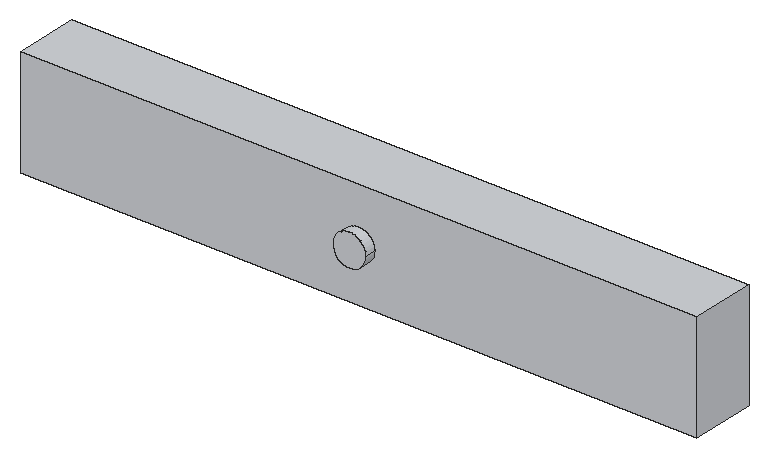
Revit family "LE_W_Spiegelleuchte_V1700", category Leuchten, Revit 2017
Family settings
  Bemaßung runder Anschluss = Durchmesser verwenden
  Teiletyp = Normal
  OmniClass-Nummer = 23.80.70.00
  OmniClass-Titel = Lighting
  Arbeitsebenenbasiert = Ja
  Immer vertikal = Ja
  Beim Laden mit Abzugskörper schneiden = Nein
  Lichtquelle = Ja
  Gemeinsam genutzt = Nein
  Raumberechnungspunkt = Nein
Parameters (values of type "Wandleuchte_rechteckig")
  pbr_Material_KZ = ""
  pbr_Material = none
  pbr_E_Typ = ""
  pbr_E_KZ = ""
  pbr_DINBild = 0
  pbr_Bild = 0
  cpiFitMatchKey [instance] = "E-WLR-18-15"
  Zentrale [instance] = ""
  built-in parameter 1150104 = 13.8 (stored number, unit not read)
  Wirkleistung [instance] = 0 W
  Wattage = 9.2903 W
  Default Elevation = 1219.2 mm
  Emit from Line Length = 609.6 mm
  built-in parameter 1150113 = 1 (stored number, unit not read)
  built-in parameter 1114218 = 1 (stored number, unit not read)
  Typ = ""
  Tiefe = 120 mm
  Text3 = ""
  Text2 = ""
  Text1 = ""
  built-in parameter 1150134 = 3
  built-in parameter 1150109 = 1 (stored number, unit not read)
  Symboltiefe = 200 mm
  Symbolbreite = 300 mm
  built-in parameter 1010506 = 0.5236 (stored number, unit not read)
  built-in parameter 1150110 = 1 (stored number, unit not read)
  Spannung = 230 V  # constant formula
  Scheinleistung [instance] = 0 VA
  Scheinlast = 0 VA
  Schaltgruppe2 [instance] = 0
  Schaltgruppe1 [instance] = 0
  Radius_Leerrohr = 50 mm
  Poligkeit = 1
  Planungsbüro Rohling = "www.pbr.de"
  Neigungswinkel = 60.00°
  Menge(Dosenzahl) = 1
  Light Source Symbol Length = 3048 mm
  Linie/Anschluss [instance] = ""
  built-in parameter 1114217 = 1 (stored number, unit not read)
  built-in parameter 1150139 = (empty or 0)
  built-in parameter 1150105 = 4614.1 (stored number, unit not read)
  built-in parameter 1150114 = 1 (stored number, unit not read)
  Lumens = 1380 lm
  built-in parameter 1150115 = 1 (stored number, unit not read)
  Lastklassifizierung = Beleuchtung
  Lampentyp [instance] = ""
  built-in parameter 1150112 = 1 (stored number, unit not read)
  Lampe = "Wandleuchte rechteck"
  Kommentar zur Wattzahl [instance] = ""
  Installationsart [instance] = ""
  Info = ""
  IFC = ""
  Höhe = 200 mm
  Halbhöhe [instance] = Höhe / 2  # 100 mm
  Halbbreite [instance] = Breite / 2  # 625 mm
  Gewerk [instance] = "BEL"
  Feldwinkel des Spotlichts = 90.00°
  Dimming Lamp Color Temperature Shift = (empty or 0)
  Color Filter = 16777215
  Länge des Lichtquellensymbols = 3048 mm
  built-in parameter 1150137 = (empty or 0)
  built-in parameter 1150132 = (empty or 0)
  Breite = 1250 mm
  built-in parameter 1150106 = 46.141 (stored number, unit not read)
  Anschlussdosentiefe = 20 mm
  Anschlussbuchsenradius = 30 mm
  built-in parameter 1150107 = 3200 (stored number, unit not read)
  built-in parameter 1150102 = (empty or 0)
  built-in parameter 1150138 = (empty or 0)
Reference planes
  plane 1 "Mitte (Vorne/Hinten)": y = 0
  plane 2: z = 0
  plane 3 "Mitte (Links/Rechts)": x = 0
  plane 4 "Lampe unten": z = -100
  plane 5: y = 140
  plane 6: y = 20
  plane 7: x = -625
  plane 8: x = 625
  plane 9: z = 100
  plane 10 "Symbollinks": x = -300
  plane 11: x = 300
Forms (mm)
  Sweep 1, solid, detail levels medium+fine
    path origin (0, 0, 0) x (1, 0, 0) y (0, 1, 0)
      loop
        line (0, 0) -> (0, 20)
    profile origin (0, 10, 0) x (-1, 0, 0) y (0, 0, 1)
      loop
        circle (0, 0) r 30
  Sweep 2, solid
    path origin (0, 0, 0) x (1, 0, 0) y (0, 1, 0)
      loop
        line (0, 20) -> (0, 140)
    profile origin (0, 80, 0) x (-1, 0, 0) y (0, 0, 1)
      loop
        line (625, 100) -> (-625, 100) -> (-625, -100) -> (625, -100) -> (625, 100)
Lines and regions (mm)
  reference lines
    curve 1: line (0, 0, 1407.319) -> (0, 0, 1447.319)
Dimensions and locks
  "Halbhöhe": level to plane 4 "Lampe unten"
  "Anschlussdosentiefe": plane 6 to plane 1 "Mitte (Vorne/Hinten)"
  "Tiefe": plane 5 to plane 6
  equal spacing: plane 7, plane 3 "Mitte (Links/Rechts)", plane 8
  "Halbbreite": plane 7 to plane 3 "Mitte (Links/Rechts)"
  equal spacing: plane 9, level, plane 4 "Lampe unten"
  "Symbolbreite": plane 10 "Symbollinks" to plane 3 "Mitte (Links/Rechts)"
  equal spacing: plane 10 "Symbollinks", plane 3 "Mitte (Links/Rechts)", plane 11
  "Anschlussbuchsenradius": radius of Sweep 1 sketch curve
  aligned and locked: level to plane 2
  aligned and locked: Sweep 2 sketch curve to plane 9
  aligned and locked: Sweep 2 sketch curve to plane 8
  aligned and locked: plane 4 "Lampe unten" to Sweep 2 sketch curve
  aligned and locked: plane 7 to Sweep 2 sketch curve
  aligned and locked: imposter light to plane 3 "Mitte (Links/Rechts)"
  aligned and locked: plane 3 "Mitte (Links/Rechts)" to nested 1
  aligned and locked: plane 1 "Mitte (Vorne/Hinten)" to nested 1
Automatic sketch dimensions
  curve 1 to plane 3 "Mitte (Links/Rechts)" = 0 mm
  level to curve 1 = 1407.319 mm
  curve 1 to curve 1 = 40 mm
  Sweep 1 sketch curve to plane 3 "Mitte (Links/Rechts)" = 0 mm
  plane 1 "Mitte (Vorne/Hinten)" to Sweep 1 sketch curve = 0 mm
  Sweep 1 sketch curve to plane 6 = 0 mm
  Sweep 2 sketch curve to plane 3 "Mitte (Links/Rechts)" = 0 mm
  Sweep 2 sketch curve to plane 6 = 0 mm
  Sweep 2 sketch curve to plane 5 = 0 mm
  Sweep 1 sketch curve to level = 0 mm
  Sweep 1 sketch curve to profile plane = 0 mm
Nested families
  nested 1: "Wandleuchte rechteckig" at (0, 0, 0), type "Wandleuchte rechteckig"
Connectors
  electrical at (0, 0, 0), driven by "Spannung"
    settings: on Sweep 1, index 1, voltage 230 V, apparent load 0 VA, apparent load phase1 18 VA, apparent load phase2 0 VA, apparent load phase3 0 VA, power factor 1, load classification "Beleuchtung", number of poles 1, system type 30, power factor state 1, is connector primary yes, connector utility no, sub classification motor no, connector description ""
  cabletrayconduit at (0, 0, 0), diameter 50, driven by "Radius_Leerrohr"
    settings: on Sweep 1, index 2, connector width 300 mm, connector height 300 mm, connector angle 0.00°, system type 32, placement type 0, profile type 0, connector reference index -1, is primary connector yes, connector utility param no, connector description ""
Definition of nested family "Wandleuchte rechteckig"
  Parameters (values of type "Wandleuchte rechteckig")
    pbr_Material_KZ = ""
    pbr_Material = none
    pbr_E_Typ = ""
    pbr_E_KZ = ""
    pbr_DINBild = 0
    pbr_Bild = 0
    Zentrale [instance] = ""
    Wirkungsgrad [instance] = 0 lm/W
    Watt [instance] = 0 W
    Typ = ""
    Text3 = ""
    Text2 = ""
    Text1 = ""
    Spannung [instance] = 0
    Scheinleistung [instance] = 0 VA
    Schaltgruppe2 [instance] = 0
    Schaltgruppe1 [instance] = 0
    Planungsbüro Rohling = "www.pbr.de"
    Menge(Dosenzahl) = 1
    Lastklassifizierung [instance] = none
    Lampentyp [instance] = ""
    Kommentar zur Wattzahl [instance] = ""
    Installationsart [instance] = ""
    Info = ""
    Gewerk = "Beleuchtung"
    Breite = 120 mm
    Länge = 1250 mm
  Reference planes
    plane 1 "Mitte (Vorne/Hinten)": y = 0
    plane 2: z = 0
    plane 3 "Mitte (Links/Rechts)": x = 0
    plane 4: y = 120
    plane 5: x = -625
    plane 6: x = 625
  Lines and regions (mm)
    Filled region 1, type "Flächenfüllung Schwarz", in view "Referenzebene"
      outline origin (0, 0, 0) x (1, 0, 0) y (0, 1, 0)
        loop
          line (-625, 120) -> (-625, 0) -> (625, 0) -> (625, 120) -> (-625, 120)
  Dimensions and locks
    equal spacing: plane 5, plane 3 "Mitte (Links/Rechts)", plane 6
    "Länge": plane 5 to plane 6
    "Breite": plane 1 "Mitte (Vorne/Hinten)" to plane 4
    aligned and locked: plane 1 "Mitte (Vorne/Hinten)" to Filled region 1
  Automatic sketch dimensions
    Filled region 1 sketch curve to plane 5 = 0 mm
    Filled region 1 sketch curve to plane 6 = 0 mm
    Filled region 1 sketch curve to plane 4 = 0 mm
    Filled region 1 sketch curve to plane 1 "Mitte (Vorne/Hinten)" = 0 mm
